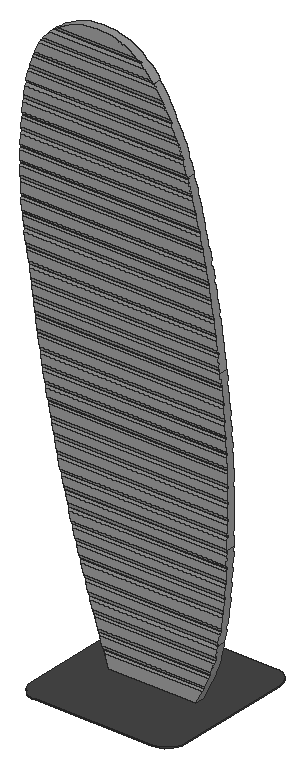
Revit family "Haworth_BuzziPlant_Surf_AP_PRELIMINARY", category Furniture, Revit 2018 (continued)
Automatic sketch dimensions
  Extrusion 36 sketch curve to Extrusion 36 sketch curve = 46.064 mm
  Extrusion 36 sketch curve to Extrusion 36 sketch curve = 0.46 mm  (x2)
  Extrusion 36 sketch curve to Extrusion 36 sketch curve = 44.592 mm  (x2)
  Extrusion 37 sketch curve to plane 9 "Front Surface" = 11.534 mm
  plane 9 "Front Surface" to Extrusion 37 sketch curve = 1.365 mm
  Extrusion 37 sketch curve to Extrusion 37 sketch curve = 1.471 mm
  Extrusion 37 sketch curve to Extrusion 37 sketch curve = 0.004 mm  (x2)
  Extrusion 37 sketch curve to plane 10 "Back Surface" = 2.841 mm
  Extrusion 37 sketch curve to plane 10 "Back Surface" = 1.365 mm
  plane 10 "Back Surface" to Extrusion 37 sketch curve = 11.534 mm
  plane 11 "Base Top" to Extrusion 37 sketch curve = 231.151 mm
  Extrusion 37 sketch curve to Extrusion 37 sketch curve = 0 mm  (x2)
  Extrusion 37 sketch curve to Extrusion 37 sketch curve = 46.064 mm
  Extrusion 37 sketch curve to Extrusion 37 sketch curve = 0.46 mm  (x2)
  Extrusion 37 sketch curve to Extrusion 37 sketch curve = 44.592 mm  (x2)
  Extrusion 38 sketch curve to plane 9 "Front Surface" = 11.534 mm
  plane 9 "Front Surface" to Extrusion 38 sketch curve = 1.365 mm
  Extrusion 38 sketch curve to Extrusion 38 sketch curve = 1.471 mm
  Extrusion 38 sketch curve to Extrusion 38 sketch curve = 0.004 mm  (x2)
  Extrusion 38 sketch curve to plane 10 "Back Surface" = 2.841 mm
  Extrusion 38 sketch curve to plane 10 "Back Surface" = 1.365 mm
  plane 10 "Back Surface" to Extrusion 38 sketch curve = 11.534 mm
  plane 11 "Base Top" to Extrusion 38 sketch curve = 186.701 mm
  Extrusion 38 sketch curve to Extrusion 38 sketch curve = 0 mm  (x2)
  Extrusion 38 sketch curve to Extrusion 38 sketch curve = 46.064 mm
  Extrusion 38 sketch curve to Extrusion 38 sketch curve = 0.46 mm  (x2)
  Extrusion 38 sketch curve to Extrusion 38 sketch curve = 44.592 mm  (x2)
  Extrusion 39 sketch curve to plane 9 "Front Surface" = 11.534 mm
  plane 9 "Front Surface" to Extrusion 39 sketch curve = 1.365 mm
  Extrusion 39 sketch curve to Extrusion 39 sketch curve = 1.471 mm
  Extrusion 39 sketch curve to Extrusion 39 sketch curve = 0.004 mm  (x2)
  Extrusion 39 sketch curve to plane 10 "Back Surface" = 2.841 mm
  Extrusion 39 sketch curve to plane 10 "Back Surface" = 1.365 mm
  plane 10 "Back Surface" to Extrusion 39 sketch curve = 11.534 mm
  plane 11 "Base Top" to Extrusion 39 sketch curve = 139.151 mm
  Extrusion 39 sketch curve to Extrusion 39 sketch curve = 0 mm  (x2)
  Extrusion 39 sketch curve to Extrusion 39 sketch curve = 46.064 mm
  Extrusion 39 sketch curve to Extrusion 39 sketch curve = 0.46 mm  (x2)
  Extrusion 39 sketch curve to Extrusion 39 sketch curve = 44.592 mm  (x2)
  plane 11 "Base Top" to Extrusion 40 sketch curve = 3.111 mm  (x2)
  Extrusion 40 sketch curve to plane 9 "Front Surface" = 11.534 mm
  plane 9 "Front Surface" to Extrusion 40 sketch curve = 1.365 mm
  Extrusion 40 sketch curve to Extrusion 40 sketch curve = 1.471 mm
  Extrusion 40 sketch curve to Extrusion 40 sketch curve = 0.004 mm  (x2)
  Extrusion 40 sketch curve to plane 10 "Back Surface" = 2.841 mm
  Extrusion 40 sketch curve to plane 10 "Back Surface" = 1.365 mm
  plane 10 "Back Surface" to Extrusion 40 sketch curve = 11.534 mm
  Extrusion 40 sketch curve to Extrusion 40 sketch curve = 44.592 mm
  Extrusion 40 sketch curve to Extrusion 40 sketch curve = 0 mm
  Extrusion 40 sketch curve to Extrusion 40 sketch curve = 0.474 mm  (x2)
  Extrusion 40 sketch curve to Extrusion 40 sketch curve = 46.064 mm  (x2)
  Masking region 1 sketch curve to plane 3 "Back" = 0 mm
  plane 8 to Masking region 1 sketch curve = 107.003 mm
  Masking region 1 sketch curve to plane 3 "Back" = 60.325 mm  (x2)
  Masking region 1 sketch curve to plane 6 "Right" = 58.475 mm
  Masking region 1 sketch curve to plane 4 "Front" = 60.325 mm
  Masking region 1 sketch curve to plane 4 "Front" = 60.283 mm
  plane 4 "Front" to Masking region 1 sketch curve = 0 mm
  Masking region 1 sketch curve to plane 9 "Front Surface" = 0 mm
  Masking region 1 sketch curve to plane 10 "Back Surface" = 0 mm
  plane 7 "Left" to Masking region 1 sketch curve = 0 mm
  Masking region 1 sketch curve to Masking region 1 sketch curve = 0 mm
  curve 1 to plane 10 "Back Surface" = 0 mm
  curve 2 to plane 9 "Front Surface" = 0 mm
  curve 1 to plane 7 "Left" = 152.702 mm
  curve 1 to curve 2 = 0.33 mm
  plane 6 "Right" to curve 2 = 1.85 mm
  plane 6 "Right" to curve 1 = 1.85 mm
